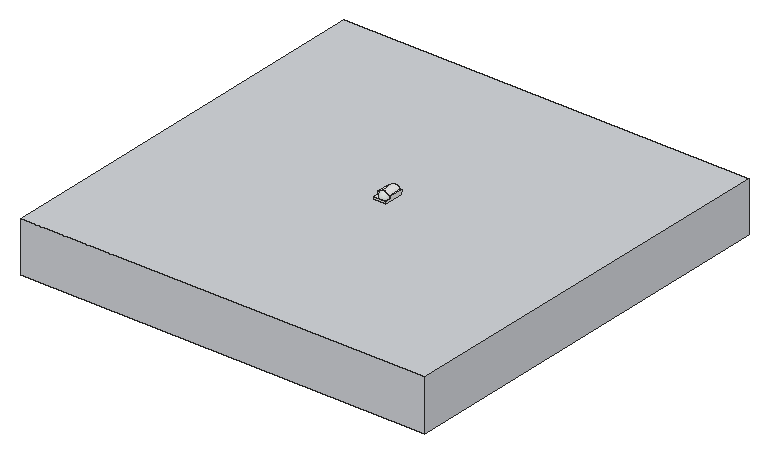
Revit family "Legrand_Gestion_eclairage_Detect_mvt_autonome_140D_Mur", category Dispositifs d'éclairage, Revit 2020
Family settings
  Hôte = Face
  Conserver l'orientation des annotations = Oui
  Cote de connecteur circulaire = Utiliser le diamètre
  Type d'élément = Normal
  Couper avec des vides une fois chargée = Non
  Partagée = Non
  Point de calcul de pièce = Non
Parameters
  Zone de detection [instance] = no
  URL = "http://www.legrandoc.com/048942"
  Télécommandable = "non"
  Type de tension = "AC"
  Tension nominale (V) = "230"
  Température (MIN) (°C) = -5
  Température (MAX) (°C) = 45
  Sensibilité réglable = "non"
  Sensibilité lumineuse réglable = "oui"
  Sensibilité lumineuse (MIN) (lx) = 10
  Sensibilité lumineuse (MAX) (lx) = 1275
  Réglage de lumière constante = "oui"
  Product ID = "048942"
  Numéro RAL = "9003"
  Mode de montage = "apparent"
  Indication distance [instance] = 8 mm
  Image du type = PH5.jpg
  Hauteur maxi de montage (m) = "2.5"
  Gestion alarme = "non"
  Gestion CVC = "non"
  Fréquence (MIN) (Hz) = 50
  Fréquence (MAX) (Hz) = 60
  Fonction variateur intégrée = "non"
  Fabricant = "LEGRAND"
  Exécution = "détecteur de mouvement"
  Etiquette [instance] = no
  Entrée secondaire = "non"
  Elévation par défaut = 2500 mm
  ETIM-5.0 Class = "EC000133"
  Durée d'enclenchement min (s) = "10"
  Durée d'enclenchement max (mn) = "16"
  Description = "DETECT DE MOUVEMENT PIR 140 DEGRES MUR SAILLIE IP42"
  Courant de démarrage max (A) = "4.3"
  Coupure forcée = "non"
  Couleur = "blanc"
  Condition Générale d'Utilisation = "https://export.legrand.com/CGU-objets-BIM"
  Code d'assemblage = "D5010200"
  Classe de protection (IP) = "IP42"
  Capacité de coupure max (W) = 1000
  Angle de détection horizontal (MIN) (°) = 0
  Angle de détection horizontal (MAX) (°) = 180
  Adapté pour transmission sans fil = "non"
Reference planes
  plane 1 "Centre (avant/arrière)": y = 0
  plane 2: z = 0
  plane 3 "Centre (gauche/droite)": x = 0
Forms (mm)
  Extrusion 1, solid
    sketch origin (0, 0, 0) x (1, 0, 0) y (0, 1, 0)
      loop
        line (-1219.2, 1219.2) -> (-1219.2, -1219.2) -> (1219.2, -1219.2) -> (1219.2, 1219.2) -> (-1219.2, 1219.2)
    from 0 to -304.8
Dimensions and locks
  aligned and locked: plane 2 to Extrusion 1
  aligned and locked: level to Extrusion 1
Nested families
  nested 1: "048942" at (0, 0, 0), type "048942"
  nested 2: "Zone de detection 8mx8m- plan" at (0, 0, 0) x (0, 0, 1) z (0, -1, 0), visible <- "Zone de detection", type "Zone de detection 8mx8m- plan"
  nested 3: "Symbole D" at (0, 23.5, 0), type "Symbole D"
  nested 4: "Détection 140°" at (0, 203.192, 0), visible <- "Etiquette", Indication distance <- "Indication distance", type "Détection 140°"
    with Indication distance 8 mm
Connectors
  electrical at (0, 21, 0)
    settings: on nested 1, index 1, voltage 230 V, apparent load 0 VA, apparent load phase1 0 VA, apparent load phase2 0 VA, apparent load phase3 0 VA, power factor 1, load classification "Autre", number of poles 1, system type 31, power factor state 1, is connector primary yes, connector utility no, sub classification motor no, connector description ""
Definition of nested family "048942"
  Parameters (values of type "048942")
    built-in parameter 1140140 [instance] = 1 (stored number, unit not read)
    Default Elevation = 0 mm
    built-in parameter 1140142 [instance] = -1
    built-in parameter 1155100 [instance] = -1
  Reference planes
    plane 1 "Centre (avant/arrière)": y = 0
    plane 2: z = 0
    plane 3 "Centre (gauche/droite)": x = 0
  Forms (mm)
    Revolve 1, solid
      sketch origin (0, -33.5, 10) x (1, 0, 0) y (0, 1, 0)
        loop
          arc (-30.39, 33.5) -> (-19.963, 14.957) -> (0, 7.605) r 30.78
          line (0, 7.605) -> (0, 33.5) -> (-30.39, 33.5)
        axis (0, 33.5) -> (0, 7.605)
      angle from -180 to 0
    Extrusion 2, solid
      sketch origin (0, -33.5, 0) x (0, 0, -1) y (0, 1, 0)
        loop
          line (-26.058, 114) -> (-26.058, 33.5) -> (-10, 33.5) -> (-10, 0) -> (0, 0) -> (0, 109) -> (-15.894, 109) -> (-15.894, 114) -> (-26.058, 114)
      from -38.5 to 38.5
    Extrusion 3, solid
      sketch origin (0, -33.5, 0) x (1, 0, 0) y (0, 0, -1)
        loop
          arc (-28.129, -26.058) -> (0, -42.39) -> (28.129, -26.058) r 32.39
          line (28.129, -26.058) -> (-28.129, -26.058)
      from 33.5 to 114
  Cuts and joins
    joined: Extrusion 2, Extrusion 3
  Dimensions and locks
    aligned and locked: level to plane 2
Definition of nested family "Zone de detection 8mx8m- plan"
  Reference planes
    plane 1 "Centre (avant/arrière)": y = 0
    plane 2: z = 0
    plane 3 "Centre (gauche/droite)": x = 0
  Lines and regions (mm)
    detail lines, in view "Niveau de réf."
      curve 1: line (0, 0, 0) -> (721.302, 3710.78, 0)
      curve 2: arc (721.302, 3710.78, 0) -> (2441.116, 3995.524, 0) -> (4177.517, 3841.424, 0) r 6919.682
      curve 3: arc (4177.517, 3841.424, 0) -> (5129.358, 3552.591, 0) -> (6023.197, 3116.154, 0) r 6238.805
      curve 4: arc (7539.88, 1630.18, 0) -> (6874.01, 2467.549, 0) -> (6023.197, 3116.154, 0) r 4331.154
      curve 5: arc (7539.88, 1630.18, 0) -> (7881.502, 846.673, 0) -> (7998.686, 0, 0) r 3133.455
      curve 6: line (0, 0, 0) -> (721.302, -3710.78, 0)
      curve 7: arc (721.302, -3710.78, 0) -> (2441.116, -3995.524, 0) -> (4177.517, -3841.424, 0) r 6919.682
      curve 8: arc (4177.517, -3841.424, 0) -> (5129.358, -3552.591, 0) -> (6023.197, -3116.154, 0) r 6238.805
      curve 9: arc (7539.88, -1630.18, 0) -> (6874.01, -2467.549, 0) -> (6023.197, -3116.154, 0) r 4331.154
      curve 10: arc (7539.88, -1630.18, 0) -> (7881.502, -846.673, 0) -> (7998.686, 0, 0) r 3133.455
Definition of nested family "Symbole D"
  Reference planes
    plane 1: y = 0
    plane 2: x = 0
  Lines and regions (mm)
    detail lines
      curve 1: spline (0.481, 2.356, 0) -> (0.429, 2.16, 0) -> (0.363, 1.989, 0) -> (0.285, 1.851, 0) -> (0.199, 1.748, 0) -> (0.106, 1.685, 0) -> (0.01, 1.664, 0) -> (-0.085, 1.685, 0) -> (-0.178, 1.748, 0) -> (-0.264, 1.851, 0) -> (-0.342, 1.989, 0) -> (-0.408, 2.16, 0) -> (-0.46, 2.356, 0)
      curve 2: arc (0.821, 3.072, 0) -> (-0.004, 3.293, 0) -> (-0.828, 3.072, 0) r 1.643
      curve 3: arc (-0.64, 2.774, 0) -> (0.004, 2.96, 0) -> (0.648, 2.774, 0) r 1.213
      curve 4: arc (-1.023, 3.436, 0) -> (0.005, 3.717, 0) -> (1.032, 3.436, 0) r 2.018
      curve 5: line (-1.042, 0.262, 0) -> (1.042, 0.262, 0)
      curve 6: arc (-0.945, 0.262, 0) -> (0, 1.008, 0) -> (0.945, 0.262, 0) r 0.972
      curve 7: line (-1.042, 0.262, 0) -> (-1.042, 0, 0)
      curve 8: line (-1.042, 0, 0) -> (1.042, 0, 0)
      curve 9: line (1.042, 0, 0) -> (1.042, 0.262, 0)
  Text (mm)
    text "IR" at (0.939, 0.64, 0)
  Dimensions and locks
    aligned and locked: plane 2 to curve 6
    aligned and locked: plane 1 to curve 8
Definition of nested family "Détection 140°"
  Parameters (values of type "Détection 140°")
    Indication distance [instance] = 0 mm
  Reference planes
    plane 1: y = 0
    plane 2: x = 0
  Text (mm)
    label "Détection 140°,Indication distancem frontal à 2,5m haut" at (-0.885, 0.234, 0), shows "Indication distance"
